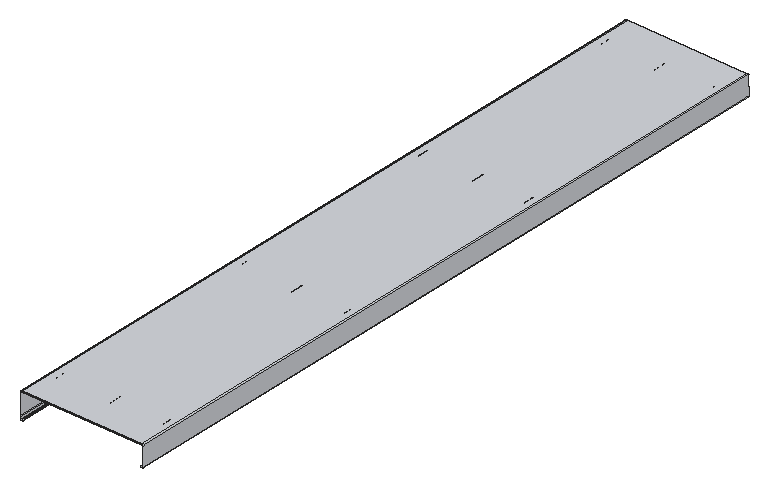
Revit family "ATA325", category 一般モデル, Revit 2020
Family settings
  鉄筋をホスト可能 = いいえ
  丸型コネクタ寸法 = 直径を使用
  パーツ タイプ = 標準
  作業面ベース = いいえ
  常に垂直 = はい
  ロード時にボイドで切り取り = いいえ
  共有 = いいえ
  部屋計算ポイント = いいえ
Parameters
  笠木長さ [instance] = 2000 mm
  既定の高さ = 0 mm
  定尺笠木長さ = 4000 mm
  固定金具数 [instance] = 4
  判定 [instance] = if(笠木長さ > 4000 mm, 定尺笠木長さ, 笠木長さ)  # 2000 mm
Reference planes
  plane 1 "中心(正面/背面)": y = 0
  plane 2: z = 0
  plane 3 "中心(左/右)": x = 0
  plane 4: z = -43
  plane 5: x = -162.5
  plane 6: x = 162.5
  plane 7: y = -2000
  plane 8: y = -100
  plane 9: y = -1900
Forms (mm)
  Extrusion 1, solid
    sketch origin (-198.644, 0, -163.038) x (1, 0, 0) y (0, 0, 1)
      loop
        arc (39.276, 189.893) -> (37.07, 189.064) -> (36.144, 186.896) r 3
        line (36.144, 186.896) -> (36.144, 120.538)
        arc (36.144, 120.538) -> (36.29, 120.184) -> (36.644, 120.038) r 0.5
        line (36.644, 120.038) -> (42.344, 120.038)
        arc (42.344, 120.038) -> (42.697, 120.184) -> (42.844, 120.538) r 0.5
        line (42.844, 120.538) -> (42.844, 122.738)
        arc (42.844, 122.738) -> (42.697, 123.091) -> (42.344, 123.238) r 0.5
        line (42.344, 123.238) -> (38.344, 123.238) -> (38.344, 128.238) -> (38.144, 133.238) -> (38.144, 185.849)
        arc (38.144, 185.849) -> (38.763, 187.295) -> (40.236, 187.847) r 2
        line (40.236, 187.847) -> (357.253, 173.215)
        arc (357.253, 173.215) -> (358.596, 172.593) -> (359.144, 171.218) r 2
        line (359.144, 171.218) -> (359.144, 133.238) -> (358.944, 128.238) -> (358.944, 123.238) -> (354.944, 123.238)
        arc (354.944, 123.238) -> (354.59, 123.091) -> (354.444, 122.738) r 0.5
        line (354.444, 122.738) -> (354.444, 120.538)
        arc (354.444, 120.538) -> (354.59, 120.184) -> (354.944, 120.038) r 0.5
        line (354.944, 120.038) -> (360.644, 120.038)
        arc (360.644, 120.038) -> (360.997, 120.184) -> (361.144, 120.538) r 0.5
        line (361.144, 120.538) -> (361.144, 172.173)
        arc (361.144, 172.173) -> (360.316, 174.243) -> (358.288, 175.17) r 3
        line (358.288, 175.17) -> (39.276, 189.893)
    from 0 to 2000
  Extrusion 2, solid, not visible
    sketch origin (0, 0, 0) x (1, 0, 0) y (0, 0, 1)
      loop
        arc (39.276, 189.893) -> (37.07, 189.064) -> (36.144, 186.896) r 3
        line (36.144, 186.896) -> (36.144, 120.538)
        arc (36.144, 120.538) -> (36.29, 120.184) -> (36.644, 120.038) r 0.5
        line (36.644, 120.038) -> (42.344, 120.038)
        arc (42.344, 120.038) -> (42.697, 120.184) -> (42.844, 120.538) r 0.5
        line (42.844, 120.538) -> (42.844, 122.738)
        arc (42.844, 122.738) -> (42.697, 123.091) -> (42.344, 123.238) r 0.5
        line (42.344, 123.238) -> (38.344, 123.238) -> (38.344, 128.238) -> (38.144, 133.238) -> (38.144, 185.849)
        arc (38.144, 185.849) -> (38.763, 187.295) -> (40.236, 187.847) r 2
        line (40.236, 187.847) -> (357.253, 173.215)
        arc (357.253, 173.215) -> (358.596, 172.593) -> (359.144, 171.218) r 2
        line (359.144, 171.218) -> (359.144, 133.238) -> (358.944, 128.238) -> (358.944, 123.238) -> (354.944, 123.238)
        arc (354.944, 123.238) -> (354.59, 123.091) -> (354.444, 122.738) r 0.5
        line (354.444, 122.738) -> (354.444, 120.538)
        arc (354.444, 120.538) -> (354.59, 120.184) -> (354.944, 120.038) r 0.5
        line (354.944, 120.038) -> (360.644, 120.038)
        arc (360.644, 120.038) -> (360.997, 120.184) -> (361.144, 120.538) r 0.5
        line (361.144, 120.538) -> (361.144, 172.173)
        arc (361.144, 172.173) -> (360.316, 174.243) -> (358.288, 175.17) r 3
        line (358.288, 175.17) -> (39.276, 189.893)
    from 0 to 250
Dimensions and locks
  locked: plane 4 to plane 2 at 43
  plane 5 to plane 3 "中心(左/右)" = 162.5 mm
  "笠木長さ": plane 7 to plane 1 "中心(正面/背面)"
  locked: plane 9 to plane 7 at 100
  locked: plane 8 to plane 1 "中心(正面/背面)" at 100
  locked: nested 1 to plane 8 at 25
  equal spacing: group 2, group 4, group 5, group 3  (x2)
  equal spacing: group 3, group 5, group 4, group 2
  locked: plane 9 to nested 2 at 25
  "判定": Extrusion 1 to plane 1 "中心(正面/背面)"
  aligned and locked: level to plane 2
  aligned and locked: Extrusion 1 to plane 5
  aligned and locked: plane 4 to Extrusion 1
  aligned and locked: plane 7 to Extrusion 1
Automatic sketch dimensions
  Extrusion 1 sketch curve to plane 5 = 0 mm
  Extrusion 1 sketch curve to plane 4 = 0 mm  (x2)
  Extrusion 1 sketch curve to plane 6 = 0 mm
  plane 5 to Extrusion 1 sketch curve = 0.5 mm
  plane 5 to Extrusion 1 sketch curve = 2 mm
  plane 5 to Extrusion 1 sketch curve = 2.2 mm
  Extrusion 1 sketch curve to Extrusion 1 sketch curve = 1 mm  (x2)
  Extrusion 1 sketch curve to Extrusion 1 sketch curve = 0.132 mm
  Extrusion 1 sketch curve to Extrusion 1 sketch curve = 4 mm
  Extrusion 1 sketch curve to Extrusion 1 sketch curve = 0 mm  (x4)
  Extrusion 1 sketch curve to Extrusion 1 sketch curve = 0.5 mm  (x4)
  Extrusion 1 sketch curve to plane 6 = 6.7 mm
  Extrusion 1 sketch curve to plane 6 = 4 mm
  Extrusion 1 sketch curve to Extrusion 1 sketch curve = 0.109 mm
  Extrusion 1 sketch curve to Extrusion 1 sketch curve = 0.891 mm
  Extrusion 1 sketch curve to Extrusion 1 sketch curve = 1.035 mm
  Extrusion 1 sketch curve to plane 6 = 2.2 mm
  Extrusion 1 sketch curve to plane 6 = 2 mm
  Extrusion 1 sketch curve to Extrusion 1 sketch curve = 2.2 mm  (x2)
  Extrusion 1 sketch curve to Extrusion 1 sketch curve = 2.7 mm
  Extrusion 1 sketch curve to Extrusion 1 sketch curve = 5 mm  (x4)
  level to Extrusion 1 sketch curve = 8.18 mm
  Extrusion 1 sketch curve to Extrusion 1 sketch curve = 1.042 mm
  level to Extrusion 1 sketch curve = 22.811 mm
  Extrusion 1 sketch curve to Extrusion 1 sketch curve = 1.047 mm
  Extrusion 1 sketch curve to Extrusion 1 sketch curve = 1.092 mm
Nested families
  nested 1: "ATAF325" at (0, -75, 0), type "ATAF325"
  nested 2: "ATAF325" at (0, -1875, 0), type "ATAF325"
  nested 3: "ATAF325" at (0, -675, 0), type "ATAF325"
  nested 4: "ATAF325" at (0, -1275, 0), type "ATAF325"
Definition of nested family "ATAF325"
  Parameters
    Default Elevation = 0 mm
  Reference planes
    plane 1 "中心(正面/背面)": y = 0
    plane 2: z = 0
    plane 3 "中心(左/右)": x = 0
  Forms (mm)
    Extrusion 1, solid
      sketch origin (-198.644, 0, -162.038) x (1, 0, 0) y (0, 0, 1)
        loop
          line (358.944, 123.238) -> (358.944, 131.062) -> (349.144, 171.438) -> (327.144, 172.398) -> (327.144, 169.172)
          arc (327.144, 169.172) -> (326.478, 167.682) -> (324.923, 167.184) r 2
          line (324.923, 167.184) -> (309.127, 168.938) -> (292.497, 168.938) -> (254.074, 168.898) -> (248.694, 165.838) -> (208.644, 165.838) -> (208.644, 168.838) -> (207.144, 168.838) -> (207.144, 165.838) -> (201.294, 165.838)
          arc (201.294, 165.838) -> (200.233, 166.277) -> (199.794, 167.338) r 1.5
          line (199.794, 167.338) -> (199.794, 174.012)
          arc (199.794, 174.012) -> (200.256, 175.095) -> (201.357, 175.511) r 1.5
          line (201.357, 175.511) -> (208.644, 175.175) -> (208.644, 177.478) -> (198.644, 177.938) -> (188.644, 178.398) -> (188.644, 176.095) -> (196.069, 175.754)
          arc (196.069, 175.754) -> (197.081, 175.289) -> (197.494, 174.256) r 1.5
          line (197.494, 174.256) -> (197.494, 167.338)
          arc (197.494, 167.338) -> (197.055, 166.277) -> (195.994, 165.838) r 1.5
          line (195.994, 165.838) -> (190.144, 165.838) -> (190.144, 168.838) -> (188.644, 168.838) -> (188.644, 165.837) -> (148.444, 165.878) -> (143.064, 168.938) -> (100.203, 168.937) -> (88.124, 168.935) -> (77.679, 167.542)
          arc (77.679, 167.542) -> (74.511, 168.495) -> (73.144, 171.506) r 4
          line (73.144, 171.506) -> (73.137, 179.049) -> (72.144, 183.658) -> (48.144, 185.338) -> (38.344, 129.354) -> (38.344, 127.038)
          arc (38.344, 127.038) -> (38.044, 126.738) -> (38.344, 126.438) r 0.3
          line (38.344, 126.438) -> (39.134, 126.438) -> (39.134, 125.038) -> (38.344, 125.038)
          arc (38.344, 125.038) -> (38.044, 124.738) -> (38.344, 124.438) r 0.3
          line (38.344, 124.438) -> (38.344, 123.238) -> (40.643, 123.238) -> (40.649, 125.416) -> (50.811, 177.366)
          arc (50.811, 177.366) -> (52.118, 179.47) -> (54.489, 180.182) r 3.5
          line (54.489, 180.182) -> (65.953, 179.38)
          arc (65.953, 179.38) -> (67.938, 178.433) -> (68.744, 176.387) r 3
          line (68.744, 176.387) -> (68.712, 162.038) -> (331.644, 162.038) -> (331.644, 165.749)
          arc (331.644, 165.749) -> (332.807, 167.186) -> (334.591, 167.669) r 3
          line (334.591, 167.669) -> (343.536, 167.278)
          arc (343.536, 167.278) -> (345.572, 166.512) -> (346.763, 164.691) r 3.5
          line (346.763, 164.691) -> (356.644, 127.948) -> (356.644, 123.238) -> (358.944, 123.238)
      from 0 to 50
  Dimensions and locks
    Extrusion 1 to plane 3 "中心(左/右)" = 160.3 mm
    Extrusion 1 to level = 0 mm
    aligned and locked: level to plane 2
